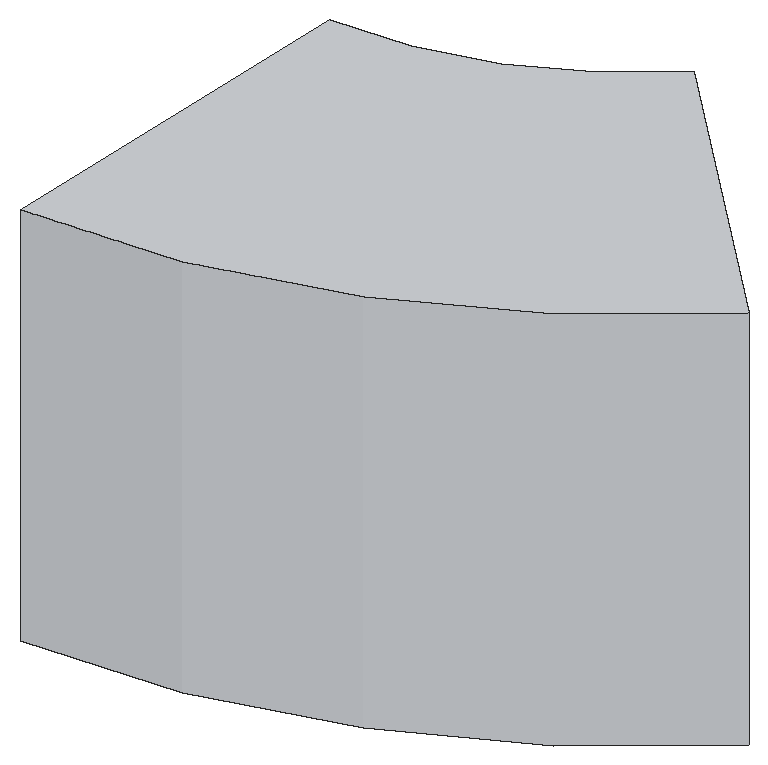
Revit family "M_Rectangular Elbow - Radius", category Duct Fittings, Revit 2014
Parameters (values of type "1.5 W")
  Duct Width [instance] = 300 mm
  Radius Multiplier = 1.5
  Duct Length 1 [instance] = Center Radius * tan(Angle / 2)  # 186.396 mm
  Duct Height [instance] = 300 mm
  Center Radius [instance] = Radius Multiplier * Duct Width  # 450 mm
  Assembly Code = ""
  Angle [instance] = 45.00°
Types (3, lengths in mm): name | Radius Multiplier | Duct Length 1 | Center Radius
  1.5 W | 1.5 | 186.396 | 450
  1 W | 1 | 124.264 | 300
  2 W | 2 | 248.528 | 600
Reference planes
  plane 1 "Center (Front/Back)": y = 0
  plane 2: z = 0
  plane 3 "Center (Left/Right)": x = 0
  plane 4: y = 450
  plane 5: x = -186.396
Forms (mm)
  Sweep 1, solid, detail levels medium+fine
    path in 3D
      loop
        arc (-186.396, 0, 0) -> (-14.189, 34.254, 0) -> (131.802, 131.802, 0) r 450
    profile "M_Duct - Rectangular : Duct - Rectangular" origin (-14.189, 34.254, 0) x (-0.382683, 0.92388, 0) y (0, 0, 1)
      loop
        line (-150, 150) -> (-150, -150) -> (150, -150) -> (150, 150) -> (-150, 150)
Lines and regions (mm)
  reference lines
    curve 1: line (-186.396, 0, 0) -> (0, 0, 0)
    curve 2: line (0, 0, 0) -> (131.802, 131.802, 0)
    curve 3: arc (-186.396, 0, 0) -> (-14.189, 34.254, 0) -> (131.802, 131.802, 0) r 450
    curve 4: line (-186.396, 450, 0) -> (131.802, 131.802, 0)
    curve 7: line (-186.396, 450, 0) -> (-186.396, 0, 0)
  sketch lines
    curve 5: arc (-186.396, 0, 0) -> (-14.189, 34.254, 0) -> (131.802, 131.802, 0) r 450
  model lines, style "DuctFitting", detail levels coarse
    curve 6: arc (-186.396, 0, 0) -> (-14.189, 34.254, 0) -> (131.802, 131.802, 0) r 450
Dimensions and locks
  "Duct Length 1": plane 5 to plane 3 "Center (Left/Right)"
  "Center Radius": plane 1 "Center (Front/Back)" to plane 4
  "Angle": angle curve 7 to curve 4
  "Angle": angle curve 6 to curve 6
  aligned and locked: plane 1 "Center (Front/Back)" to curve 1
  aligned and locked: plane 3 "Center (Left/Right)" to curve 1
  aligned and locked: plane 5 to curve 1
  aligned and locked: plane 4 to curve 3
  aligned and locked: plane 5 to curve 3
  aligned and locked: connector elem to curve 6
  aligned and locked: plane 4 to curve 6
  aligned and locked: plane 5 to curve 6  (x2)
  aligned and locked: curve 7 to plane 5
  aligned and locked: plane 4 to curve 7
Connectors
  hvac at (-186.396, 0, 0), driven by "Angle", driven by "Duct Height", driven by "Duct Width"
    settings: on Sweep 1, index 1, duct flow 0.0 L/s, flow factor 0, pres drop 0.0 Pa, loss coef 0, conn angle 45.00°, conn width 300 mm, conn height 300 mm, conn diameter 609.6 mm, duct sys type 28, conn prof type 1, flow config 0, flow direction 0, loss method 0, conn ref index 2, conn util no, is conn primary yes, conn desc ""
  hvac at (131.802, 131.802, 0), driven by "Angle", driven by "Duct Height", driven by "Duct Width"
    settings: on Sweep 1, index 2, duct flow 0.0 L/s, flow factor 0, pres drop 0.0 Pa, loss coef 0, conn angle 45.00°, conn width 300 mm, conn height 300 mm, conn diameter 609.6 mm, duct sys type 28, conn prof type 1, flow config 0, flow direction 0, loss method 0, conn ref index 1, conn util no, is conn primary no, conn desc ""
